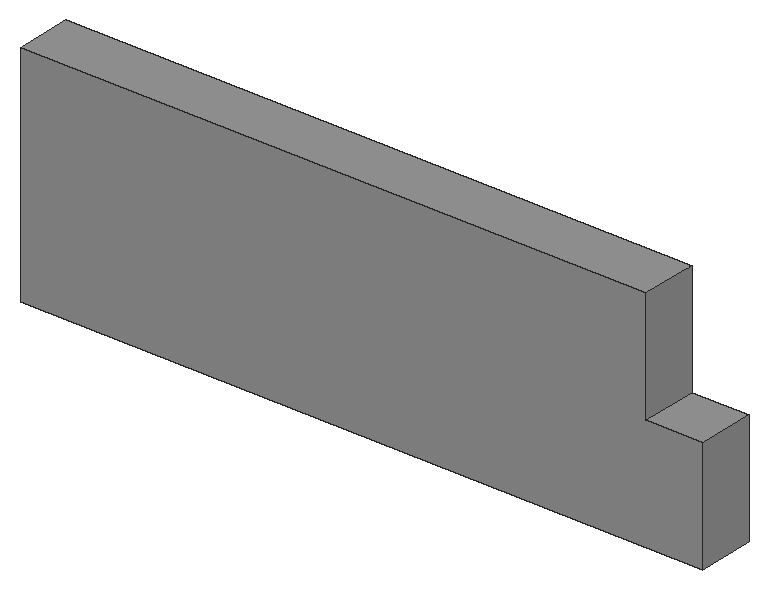
Revit family "8. Sahara_PRecta_ESP", category Generic Models, host Wall, Revit 2015
Parameters (values of type "Stonepanel® SKY Sahara. 20 cm - 60 cm")
  Ventajas de Stonepanel = "Eficaz: Instalación ágil y sencilla : 10 veces más rápido que la mampostería tradicional (Ritmo medio de colocación de 20 m2/día). Mayor rentabilidad gracias al menor desperdicio de material en obra y a la durabilidad de un producto natural frente a otros revestimientos. La colocación de los paneles no requiere mano de obra ni maquinaria especializada.\r\nSeguro: Un sistema de anclaje patentado, de acero inoxidable, que permite su instalación a más de 2 metros de altura. Base de cemento homogénea y rugosa que garantiza la adhesión y permite el corte sin desprendimiento.\r\nCalidad: Control permanente del proceso de producción desde la oficina I+D+I. Una cuidada selección de piedra natural realizada por los expertos de CUPASTONE. Disponibilidad de piezas especiales para adaptarse perfectamente a cada edificio: esquinas (macizas, rectas, dobles o para ventanas), cubremuros, y otros complementarios.\r\nEstética: Forma de “S” que evita la visión de las juntas para homogenizar el aspecto final. Gran variedad de paneles para elegir entre colores y acabados de piedra natural. La propia belleza y exclusividad de la piedra natural: Cada piedra es\r\núnica."
  Usos Indicados = "Revestimiento de Paredes exteriores e interiores en edificaciones nuevas o rehabilitaciones"
  Uniclass 2015 = "Pr_25_71_14_56 Natural stone panels"
  Uniclass 2 = "Pr_25_71_14_56 Natural stone panels"
  URL = "http://www.cupastone.es/producto/stonepanel-sahara/"
  Sistema de anclaje = "Cinta perforada en acero inoxidable:\r\n- Naturaleza del acero: AISI 316 (1.4401) o AISI 304 (1.4301)\r\n- Espesor mínimo (mm) : 0,7\r\n- Ancho (mm) : 12 a 15\r\n- Diámetro del hueco (mm) : 6 ± 1\r\n\r\nTacos:\r\nLa elección de los tacos y clavijas de fijación debe ser realizada teniendo en cuenta la acción en depresión del viento (muros exteriores) y de la resistencia de los tacos en el soporte, en función de la naturaleza del soporte."
  Resistencia al fuego = "No combustible"
  Resistencia a la flexión = "-"
  Resistencia al hielo = "Sin alteraciones despues de 50 ciclos"
  Resistencia = "Buena resistencia"
  Peso = "10 kg"
  Oxidación = "No oxida"
  Otros datos de interés del producto = "Dispone de un anclaje para instalar a alturas superiores a 2 metros"
  Omniclass = "23-15 15 15 11"
  Número de serie = "SPZ-49R"
  NBS Reference = "45-25-45/380 Natural stone panels"
  Model = "Stonepanel® SKY Sahara"
  Material = "Panel de Cuarcita multicolor de tonalidades marrones con alternancia de grises. De aspecto sobrio  y rústico, transmite calidez e intemporalidad."
  Limpieza = "En general, los paneles no requieren mantenimiento y son auto- limpiantes, pero la eliminación de algunos tipos de marcas pueden requerir un tratamiento especializado.\r\nEn caso de suciedad anormal, la superficie puede limpiarse con una mezcla / detergente doméstico y agua caliente , aplicada con una almohadilla de limpieza adecuado o una esponja."
  Largo = 600 mm
  Impacto = "-"
  Type Image = <None>
  Formato = "600x200"
  Forma de suministro = "Los paneles se presentan en parejas, en un embalaje plástico o en cajas de cartón de 3 o 4 piezas."
  Forma = "Forma de \"s\""
  Manufacturer = "Cupastone"
  Envejecimiento por cambio térmicos = "Sin alteraciones después de 20 ciclos."
  Ensayos realizados por SINTEF = "Ensayo a los materiales de piedra, Ensayos a los paneles, Durabilidad y absorción de agua"
  Ensayos realizados por DIBt = "Adherencia entre piedra y mortero, Adherencia entre piedra y mortero tras 50 ciclos de hielo-deshielo"
  Ensayos realizados por BBA = "Resistencia a daños por heladicidad, Resistencia a choque térmico, Adherencia entre piedra y mortero, Resistencia al arrancamiento del anclaje, Resistencia a impacto"
  Ensayos realizados por Avis Technique = "Resistencia mecánica del anclaje, Resistencia mecánica de la cinta de seguridad, Ensayo de durabilidad tras la acción del agua, Ensayo de durabilidad tras la acción del hielo, Ensayo sísmico"
  Durabilidad = "Según el certificado BBA, el sistema tiene una vida de diseño superior a 30 años."
  Detalles constructivos = "Detalles de:\r\n- Instalación con perfil metálico\r\n- Instalación de Stonepanel\r\n- Instalación en muro interior\r\n- Instalación del elemento de seguridad (cinta perforada + tacos)\r\n- Esquinas entrantes\r\n- Esquinas salientes\r\n- Esquinas salientes pre-fabricadas\r\n- Esquinas salientes mediante serrado del panel\r\n- Esquinas salientes sin continuidad de Stonepanel (caso de una fachada lateral)\r\n- Bordes superiores\r\n- Sobre parapeto\r\n- Marco de vano"
  Desfase de altura = 0 mm
  Description = "Pieza de piedra natural montada sobre una base de cemento y reforzada con una malla de fibra de vidrio .\r\nPosee sistema de anclaje patentado, de acero inoxidable, que permite su instalación a más de 2 metros de altura"
  Densidad aparente = "96 kg/m2"
  Color secundario = "Gris"
  Color principal = "Marrón"
  Certificaciones = "BBA - Reino Unido, Avis Technique - Francia, DIBt - Alemania, SINTEF - Noruega"
  Aspecto = "Tradicional"
  Ancho = 50 mm
  Alto = 200 mm
  Adherencia del mortero = ">1N/mm2"
  Acabado = "Natural"
  Absorción = "Baja absorción"
Types (2): name
  Stonepanel® SKY Sahara
  Stonepanel® SKY Sahara. 20 cm - 60 cm
Reference planes
  plane 1 "Muro": y = 0
  plane 2 "Centro (Izquierda/Derecha)": x = 125
  plane 3 "Posterior": y = 75
Forms (mm)
  Extrusion 1, solid, material "Stonepanel® SKY Sahara"
    sketch origin (0, 160, 1120) x (1, 0, 0) y (0, 0, 1)
      loop
        line (125, -1120) -> (125, -1020) -> (75, -1020) -> (75, -920) -> (-475, -920) -> (-475, -1120) -> (125, -1120)
    from 35 to 85
Text (mm)
  text "Cara de colocación" at (-1848.837, 1116.779, 0), in view "Nivel de referencia"
  text "Cara de colocación" at (0, 1409.804, 2854.306), in view "Izquierda"
  text "Cara de colocación" at (0, 499.811, 2980.732), in view "Derecha"
Dimensions and locks
  locked: plane 3 "Posterior" to host wall
  locked: Extrusion 1 to plane 3 "Posterior" at 0
  "Ancho": Extrusion 1 to Extrusion 1
  "Largo": Extrusion 1 to Extrusion 1
  locked: Extrusion 1 to Extrusion 1 at 100
  "Desfase de altura": level to Extrusion 1
  locked: Extrusion 1 to Extrusion 1 at 50
  "Alto": Extrusion 1 to Extrusion 1
  aligned and locked: plane 1 "Muro" to host wall
Automatic sketch dimensions
  Extrusion 1 sketch curve to level = 0 mm
  Extrusion 1 sketch curve to plane 2 "Centro (Izquierda/Derecha)" = 0 mm
  Extrusion 1 sketch curve to plane 2 "Centro (Izquierda/Derecha)" = 50 mm
  level to Extrusion 1 sketch curve = 200 mm
  Extrusion 1 sketch curve to Extrusion 1 sketch curve = 550 mm
  level to Extrusion 1 sketch curve = 100 mm
